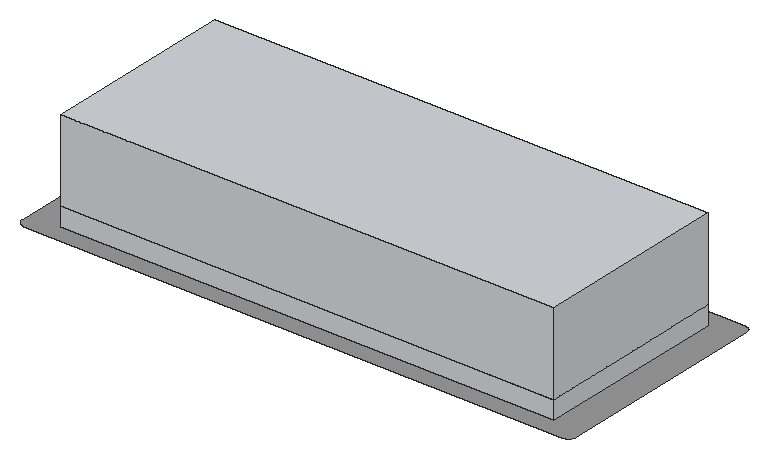
Revit family "族4GMV-ND63-80TDB-T", category 机械设备, Revit 2014
Parameters (values of type "GMV-ND80TD/B-T")
  panel width = 1350 mm
  panel thickness = 64 mm
  panel depth = 555 mm
  main body width = 1200 mm
  main body height = 200 mm
  main body depth = 470 mm
  liquid pipe = 9.52 mm
  heating capacity = 9000 W
  gas pipe = 15.9 mm
  drain pipe = 25 mm
  cooling capacity = 8000 W
Types (4, lengths in mm): name | heating capacity | cooling capacity
  (no name) | 9000 W | 8000 W
  GMV-ND63TD/B-T | 7100 W | 6300 W
  GMV-ND71TD/B-T | 8000 W | 7100 W
  GMV-ND80TD/B-T | 9000 W | 8000 W
Reference planes
  plane 1 "中心(前/后)": y = 0
  plane 2: z = 0
  plane 3 "中心(左/右)": x = 0
  plane 4: x = -675
  plane 5: x = 675
  plane 6: y = 277.5
  plane 7: y = -277.5
  plane 8: x = -600
  plane 9: x = 600
  plane 10: y = 235
  plane 11: y = -235
  plane 12: z = 19
Forms (mm)
  Blend 1, solid, material "面板"
    base sketch origin (0, 0, 0) x (1, 0, 0) y (0, 1, 0)
      loop
        line (-600, 235) -> (-600, -235) -> (600, -235) -> (600, 235) -> (-600, 235)
    top sketch origin (0, 0, 0) x (1, 0, 0) y (0, 1, 0)
      loop
        arc (-655, 277.5) -> (-669.142, 271.642) -> (-675, 257.5) r 20
        line (-675, 257.5) -> (-675, -257.5)
        arc (-675, -257.5) -> (-669.142, -271.642) -> (-655, -277.5) r 20
        line (-655, -277.5) -> (655, -277.5)
        arc (655, -277.5) -> (669.142, -271.642) -> (675, -257.5) r 20
        line (675, -257.5) -> (675, 257.5)
        arc (675, 257.5) -> (669.142, 271.642) -> (655, 277.5) r 20
        line (655, 277.5) -> (-655, 277.5)
    from 0 to 19
  Extrusion 2, solid
    sketch origin (0, 0, 0) x (1, 0, 0) y (0, 1, 0)
      loop
        line (-600, 235) -> (-600, -235) -> (600, -235) -> (600, 235) -> (-600, 235)
    from 19 to 64
  Extrusion 3, void
    sketch origin (0, 0, 0) x (1, 0, 0) y (0, 1, 0)
      loop
        line (-580, 235) -> (-580, 75) -> (586.018, 75) -> (586.018, 235) -> (-580, 235)
    from 0 to 11.641
  Extrusion 4, solid
    sketch origin (0, 0, 0) x (1, 0, 0) y (0, 1, 0)
      loop
        line (-580, 228.622) -> (-580, 223.867) -> (586.018, 223.867) -> (586.018, 228.622) -> (-580, 228.622)
    from 0 to 11.641
  Extrusion 5, solid
    sketch origin (0, -145, 0) x (1, 0, 0) y (0, 1, 0)
      loop
        line (-580, 228.622) -> (-580, 223.867) -> (586.018, 223.867) -> (586.018, 228.622) -> (-580, 228.622)
    from 0 to 11.641
  Extrusion 6, solid
    sketch origin (0, -6.042, 0) x (1, 0, 0) y (0, 1, 0)
      loop
        line (-580, 228.622) -> (-580, 223.867) -> (586.018, 223.867) -> (586.018, 228.622) -> (-580, 228.622)
    from 0 to 11.641
  Extrusion 7, solid
    sketch origin (0, -12.083, 0) x (1, 0, 0) y (0, 1, 0)
      loop
        line (-580, 228.622) -> (-580, 223.867) -> (586.018, 223.867) -> (586.018, 228.622) -> (-580, 228.622)
    from 0 to 11.641
  Extrusion 8, solid
    sketch origin (0, -18.125, 0) x (1, 0, 0) y (0, 1, 0)
      loop
        line (-580, 228.622) -> (-580, 223.867) -> (586.018, 223.867) -> (586.018, 228.622) -> (-580, 228.622)
    from 0 to 11.641
  Extrusion 9, solid
    sketch origin (0, -24.167, 0) x (1, 0, 0) y (0, 1, 0)
      loop
        line (-580, 228.622) -> (-580, 223.867) -> (586.018, 223.867) -> (586.018, 228.622) -> (-580, 228.622)
    from 0 to 11.641
  Extrusion 10, solid
    sketch origin (0, -30.208, 0) x (1, 0, 0) y (0, 1, 0)
      loop
        line (-580, 228.622) -> (-580, 223.867) -> (586.018, 223.867) -> (586.018, 228.622) -> (-580, 228.622)
    from 0 to 11.641
  Extrusion 11, solid
    sketch origin (0, -36.25, 0) x (1, 0, 0) y (0, 1, 0)
      loop
        line (-580, 228.622) -> (-580, 223.867) -> (586.018, 223.867) -> (586.018, 228.622) -> (-580, 228.622)
    from 0 to 11.641
  Extrusion 12, solid
    sketch origin (0, -42.292, 0) x (1, 0, 0) y (0, 1, 0)
      loop
        line (-580, 228.622) -> (-580, 223.867) -> (586.018, 223.867) -> (586.018, 228.622) -> (-580, 228.622)
    from 0 to 11.641
  Extrusion 13, solid
    sketch origin (0, -48.333, 0) x (1, 0, 0) y (0, 1, 0)
      loop
        line (-580, 228.622) -> (-580, 223.867) -> (586.018, 223.867) -> (586.018, 228.622) -> (-580, 228.622)
    from 0 to 11.641
  Extrusion 14, solid
    sketch origin (0, -54.375, 0) x (1, 0, 0) y (0, 1, 0)
      loop
        line (-580, 228.622) -> (-580, 223.867) -> (586.018, 223.867) -> (586.018, 228.622) -> (-580, 228.622)
    from 0 to 11.641
  Extrusion 15, solid
    sketch origin (0, -60.417, 0) x (1, 0, 0) y (0, 1, 0)
      loop
        line (-580, 228.622) -> (-580, 223.867) -> (586.018, 223.867) -> (586.018, 228.622) -> (-580, 228.622)
    from 0 to 11.641
  Extrusion 16, solid
    sketch origin (0, -66.458, 0) x (1, 0, 0) y (0, 1, 0)
      loop
        line (-580, 228.622) -> (-580, 223.867) -> (586.018, 223.867) -> (586.018, 228.622) -> (-580, 228.622)
    from 0 to 11.641
  Extrusion 17, solid
    sketch origin (0, -72.5, 0) x (1, 0, 0) y (0, 1, 0)
      loop
        line (-580, 228.622) -> (-580, 223.867) -> (586.018, 223.867) -> (586.018, 228.622) -> (-580, 228.622)
    from 0 to 11.641
  Extrusion 18, solid
    sketch origin (0, -78.542, 0) x (1, 0, 0) y (0, 1, 0)
      loop
        line (-580, 228.622) -> (-580, 223.867) -> (586.018, 223.867) -> (586.018, 228.622) -> (-580, 228.622)
    from 0 to 11.641
  Extrusion 19, solid
    sketch origin (0, -84.583, 0) x (1, 0, 0) y (0, 1, 0)
      loop
        line (-580, 228.622) -> (-580, 223.867) -> (586.018, 223.867) -> (586.018, 228.622) -> (-580, 228.622)
    from 0 to 11.641
  Extrusion 20, solid
    sketch origin (0, -90.625, 0) x (1, 0, 0) y (0, 1, 0)
      loop
        line (-580, 228.622) -> (-580, 223.867) -> (586.018, 223.867) -> (586.018, 228.622) -> (-580, 228.622)
    from 0 to 11.641
  Extrusion 21, solid
    sketch origin (0, -96.667, 0) x (1, 0, 0) y (0, 1, 0)
      loop
        line (-580, 228.622) -> (-580, 223.867) -> (586.018, 223.867) -> (586.018, 228.622) -> (-580, 228.622)
    from 0 to 11.641
  Extrusion 22, solid
    sketch origin (0, -102.708, 0) x (1, 0, 0) y (0, 1, 0)
      loop
        line (-580, 228.622) -> (-580, 223.867) -> (586.018, 223.867) -> (586.018, 228.622) -> (-580, 228.622)
    from 0 to 11.641
  Extrusion 23, solid
    sketch origin (0, -108.75, 0) x (1, 0, 0) y (0, 1, 0)
      loop
        line (-580, 228.622) -> (-580, 223.867) -> (586.018, 223.867) -> (586.018, 228.622) -> (-580, 228.622)
    from 0 to 11.641
  Extrusion 24, solid
    sketch origin (0, -114.792, 0) x (1, 0, 0) y (0, 1, 0)
      loop
        line (-580, 228.622) -> (-580, 223.867) -> (586.018, 223.867) -> (586.018, 228.622) -> (-580, 228.622)
    from 0 to 11.641
  Extrusion 25, solid
    sketch origin (0, -120.833, 0) x (1, 0, 0) y (0, 1, 0)
      loop
        line (-580, 228.622) -> (-580, 223.867) -> (586.018, 223.867) -> (586.018, 228.622) -> (-580, 228.622)
    from 0 to 11.641
  Extrusion 26, solid
    sketch origin (0, -126.875, 0) x (1, 0, 0) y (0, 1, 0)
      loop
        line (-580, 228.622) -> (-580, 223.867) -> (586.018, 223.867) -> (586.018, 228.622) -> (-580, 228.622)
    from 0 to 11.641
  Extrusion 27, solid
    sketch origin (0, -132.917, 0) x (1, 0, 0) y (0, 1, 0)
      loop
        line (-580, 228.622) -> (-580, 223.867) -> (586.018, 223.867) -> (586.018, 228.622) -> (-580, 228.622)
    from 0 to 11.641
  Extrusion 28, solid
    sketch origin (0, -138.958, 0) x (1, 0, 0) y (0, 1, 0)
      loop
        line (-580, 228.622) -> (-580, 223.867) -> (586.018, 223.867) -> (586.018, 228.622) -> (-580, 228.622)
    from 0 to 11.641
  Extrusion 29, solid
    sketch origin (0, 0, 0) x (1, 0, 0) y (0, 1, 0)
      loop
        line (-600, 235) -> (-600, -235) -> (600, -235) -> (600, 235) -> (-600, 235)
    from 64 to 264
  Extrusion 30, solid
    sketch origin (0, 0, 0) x (0, 1, 0) y (0, 0, 1)
      loop
        circle (7.356, 155.763) r 4.76
    from -643.59 to -554.276
  Extrusion 31, solid
    sketch origin (0, 0, 0) x (0, 1, 0) y (0, 0, 1)
      loop
        circle (-36.103, 172.214) r 7.95
    from -634.396 to -554.276
  Extrusion 32, solid
    sketch origin (0, 0, 0) x (0, 1, 0) y (0, 0, 1)
      loop
        circle (-98.054, 197.415) r 12.5
    from -634.396 to -554.276
Cuts and joins
  Extrusion 3 cuts Blend 1
  Extrusion 3 cuts Extrusion 2
Dimensions and locks
  equal spacing: group 1, group 3, group 4, group 5, group 6, group 7, group 8, group 9, group 10, group 11, group 12, group 13, group 14, group 15, group 16, group 17, group 18, group 19, group 20, group 21, group 22, group 23, group 24, group 25, group 2  (x2)
  equal spacing: group 2, group 25, group 24, group 23, group 22, group 21, group 20, group 19, group 18, group 17, group 16, group 15, group 14, group 13, group 12, group 11, group 10, group 9, group 8, group 7, group 6, group 5, group 4, group 3, group 1
  "panel width": plane 4 to plane 5
  "panel depth": plane 6 to plane 7
  "panel thickness": Extrusion 29 to level
  "main body height": Extrusion 29 to Extrusion 29
  "main body width": Extrusion 29 to Extrusion 29
  "main body depth": plane 10 to Extrusion 29
  "liquid pipe": diameter of Extrusion 30 sketch curve
  "gas pipe": diameter of Extrusion 31 sketch curve
  "drain pipe": diameter of Extrusion 32 sketch curve
  aligned and locked: level to plane 2
Automatic sketch dimensions
  Blend 1 sketch curve to plane 8 = 0 mm
  Blend 1 sketch curve to plane 9 = 0 mm
  plane 11 to Blend 1 sketch curve = 0 mm
  Blend 1 sketch curve to plane 10 = 0 mm
  Blend 1 sketch curve to plane 4 = 0 mm
  plane 7 to Blend 1 sketch curve = 0 mm
  Blend 1 sketch curve to plane 6 = 0 mm
  Blend 1 sketch curve to plane 5 = 0 mm
  Blend 1 sketch curve to Blend 1 sketch curve = 20 mm
  plane 4 to Blend 1 sketch curve = 20 mm
  plane 5 to Blend 1 sketch curve = 20 mm  (x2)
  Extrusion 2 sketch curve to plane 8 = 0 mm
  Extrusion 2 sketch curve to plane 9 = 0 mm
  plane 11 to Extrusion 2 sketch curve = 0 mm
  Extrusion 2 sketch curve to plane 10 = 0 mm
  Extrusion 3 sketch curve to plane 10 = 0 mm
  plane 8 to Extrusion 3 sketch curve = 20 mm
  plane 9 to Extrusion 3 sketch curve = 13.982 mm
  Extrusion 3 sketch curve to plane 1 "中心(前/后)" = 75 mm
  Extrusion 4 sketch curve to Extrusion 4 sketch curve = 1166.018 mm
  Extrusion 4 sketch curve to Extrusion 4 sketch curve = 4.755 mm
  Extrusion 29 sketch curve to plane 8 = 0 mm
  Extrusion 29 sketch curve to plane 9 = 0 mm
  plane 11 to Extrusion 29 sketch curve = 0 mm
  Extrusion 29 sketch curve to plane 10 = 0 mm
  Extrusion 30 sketch curve to plane 1 "中心(前/后)" = 7.356 mm
  plane 12 to Extrusion 30 sketch curve = 136.763 mm
  plane 1 "中心(前/后)" to Extrusion 31 sketch curve = 36.103 mm
  plane 12 to Extrusion 31 sketch curve = 153.214 mm
  plane 1 "中心(前/后)" to Extrusion 32 sketch curve = 98.054 mm
  plane 12 to Extrusion 32 sketch curve = 178.415 mm
Connectors
  piping at (-643.59, 7.356, 155.763), diameter 9.52, driven by "liquid pipe"
    settings: on Extrusion 30, index 1, connector inside diameter 609.6 mm, connector length 0 mm, flow factor 0, pipe flow 0.0 L/s, pressure drop 0.0 Pa, fitting loss kfactor 0, connector angle 0.00°, fixture units 0, engagement length 0 mm, angle of deflection 0.00°, flow configuration 0, flow direction 0, fitting loss method 0, system type 7, joint type 0, gender type 0, connector reference index -1, connector utility 0, adjustable connector no, is connector primary yes, connector description ""
  piping at (-634.396, -36.103, 172.214), diameter 15.9, driven by "gas pipe"
    settings: on Extrusion 31, index 2, connector inside diameter 609.6 mm, connector length 0 mm, flow factor 0, pipe flow 0.0 L/s, pressure drop 0.0 Pa, fitting loss kfactor 0, connector angle 0.00°, fixture units 0, engagement length 0 mm, angle of deflection 0.00°, flow configuration 0, flow direction 0, fitting loss method 0, system type 8, joint type 0, gender type 0, connector reference index -1, connector utility 0, adjustable connector no, is connector primary no, connector description ""
  piping at (-634.396, -98.054, 197.415), diameter 25, driven by "drain pipe"
    settings: on Extrusion 32, index 3, connector inside diameter 609.6 mm, connector length 0 mm, flow factor 0, pipe flow 0.0 L/s, pressure drop 0.0 Pa, fitting loss kfactor 0, connector angle 0.00°, fixture units 0, engagement length 0 mm, angle of deflection 0.00°, flow configuration 0, flow direction 0, fitting loss method 0, system type 7, joint type 0, gender type 0, connector reference index -1, connector utility 0, adjustable connector no, is connector primary no, connector description ""
